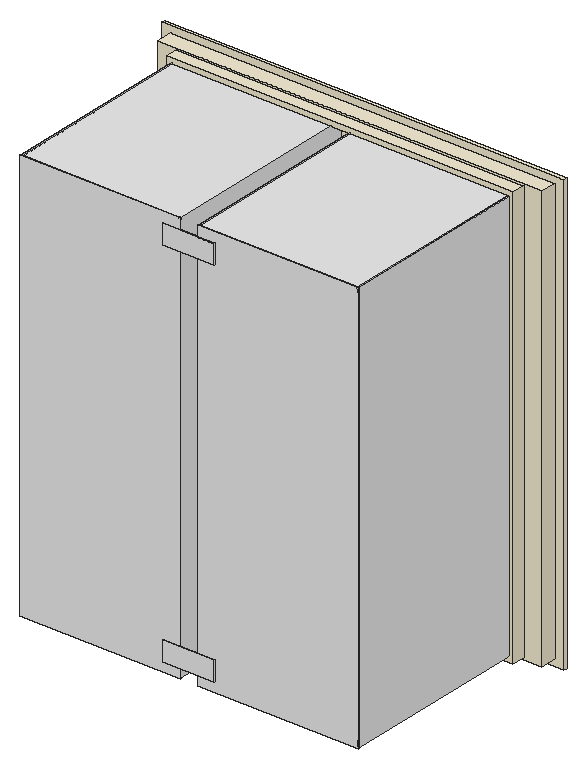
Revit family "4C-9_Door_High_Units_FL.rfa", category Specialty Equipment, host Wall, Revit 2016 (continued)
Definition of nested family "3700 Series 4C OM2 Configuration"
  Dimensions and locks (in)
    aligned and locked: Extrusion 2 sketch curve to plane 4 "Left Side Face of Door"
    aligned and locked: Extrusion 2 sketch curve to plane 6 "Back Face of Door"
    aligned and locked: plane 5 "Right Side Face of Door" to Extrusion 2 sketch curve
    aligned and locked: Extrusion 2 to plane 8
    aligned and locked: plane 10 to Extrusion 2 sketch curve
    aligned and locked: plane 14 "Divider Height Align" to Extrusion 2
    aligned and locked: plane 4 "Left Side Face of Door" to Extrusion 2
    aligned and locked: Extrusion 2 to plane 5 "Right Side Face of Door"
    aligned and locked: Extrusion 13 to plane 28 "Face of Mail Drop"
    aligned and locked: plane 29 "Top of Mail Slot" to Extrusion 14 sketch curve
    aligned and locked: cut or joined group of Extrusion 13, Extrusion 14 to cut or joined group of Extrusion 13, Extrusion 14
    aligned and locked: cut or joined group of Extrusion 1, Extrusion 3 to plane 2 "Bottom of Door"
  Automatic sketch dimensions
    Extrusion 1 sketch curve to plane 4 "Left Side Face of Door" = 0.000"
    Extrusion 1 sketch curve to plane 6 "Back Face of Door" = 0.000"
    Extrusion 1 sketch curve to plane 7 "Front Face of Door" = 0.000"
    Extrusion 1 sketch curve to plane 5 "Right Side Face of Door" = 0.000"
    Extrusion 1 sketch curve to plane 4 "Left Side Face of Door" = 0.252"
    Extrusion 1 sketch curve to plane 20 "Hinge Stud Align" = 0.36875"
    Extrusion 1 sketch curve to plane 25 "Face of Mail Plate" = 0.07029"
    plane 5 "Right Side Face of Door" to Extrusion 1 sketch curve = 0.195"
    Extrusion 1 sketch curve to plane 25 "Face of Mail Plate" = 0.10562"
    Extrusion 1 sketch curve to plane 13 "Face of Lock" = 0.07658"
    plane 1 "Center (Front/Back)" to Extrusion 1 sketch curve = 0.05445"
    Extrusion 1 sketch curve to plane 13 "Face of Lock" = 0.12063"
    Extrusion 5 sketch curve to plane 11 "Center Lock Vertical" = 0.0293"
    plane 11 "Center Lock Vertical" to Extrusion 5 sketch curve = 0.0293"
    Extrusion 5 sketch curve to plane 9 = 0.30959"
    plane 9 to Extrusion 5 sketch curve = 0.30959"
    plane 16 "Left Stud Align" to Blend 6 sketch curve = 0.000"  (x2)
    Blend 6 sketch curve to plane 18 "Top Stud Align" = 0.000"  (x2)
    plane 17 "Right Stud Align" to Blend 7 sketch curve = 0.000"  (x2)
    Blend 7 sketch curve to plane 18 "Top Stud Align" = 0.000"  (x2)
    plane 16 "Left Stud Align" to Blend 8 sketch curve = 0.000"  (x2)
    Blend 8 sketch curve to plane 19 "Bottom Stud Align" = 0.000"  (x2)
    plane 17 "Right Stud Align" to Blend 9 sketch curve = 0.000"  (x2)
    Blend 9 sketch curve to plane 19 "Bottom Stud Align" = 0.000"  (x2)
    Blend 10 sketch curve to plane 18 "Top Stud Align" = 0.000"  (x2)
    plane 20 "Hinge Stud Align" to Blend 10 sketch curve = 0.000"  (x2)
    Blend 11 sketch curve to plane 19 "Bottom Stud Align" = 0.000"  (x2)
    plane 20 "Hinge Stud Align" to Blend 11 sketch curve = 0.000"  (x2)
    plane 24 to Extrusion 12 sketch curve = 0.000"
    Extrusion 12 sketch curve to plane 22 "Mail Plate Bottom" = 0.000"
    Extrusion 12 sketch curve to plane 21 "Mail Plate Top" = 0.000"
    plane 23 to Extrusion 12 sketch curve = 0.000"
    plane 24 to Extrusion 12 sketch curve = 0.19922"  (x2)
    plane 18 "Top Stud Align" to Extrusion 12 sketch curve = 0.14478"
    Extrusion 12 sketch curve to plane 23 = 0.19922"
    Extrusion 13 sketch curve to plane 5 "Right Side Face of Door" = 0.000"
    Extrusion 13 sketch curve to plane 4 "Left Side Face of Door" = 0.000"
    Extrusion 13 sketch curve to plane 6 "Back Face of Door" = 0.000"
    Extrusion 13 sketch curve to plane 7 "Front Face of Door" = 0.193"
    Extrusion 14 sketch curve to plane 30 "Bottom of Mail Slot" = 0.000"
    plane 32 "Right Edge of Mail Slot" to Extrusion 14 sketch curve = 0.375"
    Extrusion 14 sketch curve to plane 31 "Left Edge of Mail Slot" = 0.375"
    Extrusion 15 sketch curve to plane 35 = 0.000"
    Extrusion 15 sketch curve to plane 33 "Mail Slot Bottom Protusion" = 0.000"
    Extrusion 15 sketch curve to plane 34 = 0.000"
    Extrusion 15 sketch curve to plane 27 "Top of Mail Drop Divider" = 0.000"
    Extrusion 15 sketch curve to plane 6 "Back Face of Door" = 0.000"
    plane 26 "Top of Mail Drop Door" to Extrusion 15 sketch curve = 0.07158"
    Extrusion 15 sketch curve to plane 34 = 0.24578"
    plane 26 "Top of Mail Drop Door" to Extrusion 15 sketch curve = 0.09984"
    Extrusion 15 sketch curve to Extrusion 15 sketch curve = 0.01632"
    plane 37 to Extrusion 15 sketch curve = 0.05062"
    Extrusion 15 sketch curve to plane 33 "Mail Slot Bottom Protusion" = 0.01599"
    plane 33 "Mail Slot Bottom Protusion" to Extrusion 15 sketch curve = 0.01227"
    plane 36 "Front of Awning" to Extrusion 15 sketch curve = 0.17915"
    plane 35 to Extrusion 15 sketch curve = 0.02246"
    Extrusion 15 sketch curve to Extrusion 15 sketch curve = 0.0724"
    plane 36 "Front of Awning" to Extrusion 15 sketch curve = 0.04696"
    plane 36 "Front of Awning" to Extrusion 15 sketch curve = 0.02469"
    plane 36 "Front of Awning" to Extrusion 15 sketch curve = 0.00781"
    Extrusion 15 sketch curve to Extrusion 15 sketch curve = 0.05983"
    Extrusion 4 sketch curve to plane 9 = 0.000"
    plane 11 "Center Lock Vertical" to Extrusion 4 sketch curve = 0.000"
    Extrusion 3 sketch curve to plane 9 = 0.000"
    plane 11 "Center Lock Vertical" to Extrusion 3 sketch curve = 0.000"
    radius of Blend 6 sketch curve = 0.15665"
    radius of Blend 6 sketch curve = 0.3125"
    radius of Blend 7 sketch curve = 0.15665"
    radius of Blend 7 sketch curve = 0.3125"
    radius of Blend 8 sketch curve = 0.15665"
    radius of Blend 8 sketch curve = 0.3125"
    radius of Blend 9 sketch curve = 0.15665"
    radius of Blend 9 sketch curve = 0.3125"
    radius of Blend 10 sketch curve = 0.15665"
    radius of Blend 10 sketch curve = 0.3125"
    radius of Blend 11 sketch curve = 0.15665"
    radius of Blend 11 sketch curve = 0.3125"
    radius of Extrusion 4 sketch curve = 0.42913"
    radius of Extrusion 3 sketch curve = 0.4375"
Definition of nested family "4C Latch Lock-Right"
  Parameters (values of type "Lock Latch")
    Width = 1.750"
    Type Comments = "Lock Latch for Aluminum Mailboxes"
    Visible Latch = yes
    Manufacturer = "Salsbury Industries"
    Height = 1.375"
    Depth = 0.244"
    Back Enclosure Material = none
  Reference planes (in)
    plane 1 "Center (Front/Back)": y = 0
    plane 2 "left": z = 0
    plane 3 "Center (Left/Right)": x = 0
    plane 4 "top": x = -0.875
    plane 5 "bottom": x = 0.875
    plane 6 "Front": y = 0.122
    plane 7 "Back": y = -0.122
    plane 8 "Vertical Center": z = 0.6875
    plane 9 "right": z = 1.375
    plane 10: x = -1
    plane 11: x = -1.125
  Forms (in)
    Extrusion 1, solid, material <- "Back Enclosure Material", visible <- "Visible Latch"
      sketch origin (-0.67187, 0, 0.67188) x (0, 0, -1) y (0, 1, 0)
        loop
          line (-0.22131, -0.0902) -> (-0.70312, -0.0902) -> (-0.70312, -0.12209) -> (-0.22129, -0.12209)
          arc (-0.22129, -0.12209) -> (-0.1389, -0.08579) -> (-0.11009, -0.00048) r 0.11165
          arc (-0.11009, -0.00048) -> (-0.01599, 0.09362) -> (0.07812, -0.00048) r 0.09411
          arc (0.07812, -0.00048) -> (0.10866, -0.08591) -> (0.19189, -0.122) r 0.11401
          line (0.19189, -0.122) -> (0.67187, -0.122) -> (0.67187, -0.08954) -> (0.19205, -0.08954)
          arc (0.19205, -0.08954) -> (0.13091, -0.06294) -> (0.10869, -0.00006) r 0.08357
          arc (0.10869, -0.00006) -> (-0.01625, 0.12487) -> (-0.14118, -0.00006) r 0.12494
          arc (-0.14118, -0.00006) -> (-0.16101, -0.06312) -> (-0.22131, -0.0902) r 0.08069
      from -0.20313 to 1.54687
    Extrusion 2, void
      sketch origin (-0.86719, 0.122, 0.78906) x (0, 0, -1) y (1, 0, 0)
        loop
          line (0.02064, 1.43976) -> (0.02064, 0.31562) -> (0.29045, 0.31562) -> (0.29045, 0.47278) -> (0.12796, 0.47278) -> (0.12796, 1.28526) -> (0.27447, 1.28526) -> (0.27447, 1.43976) -> (0.02064, 1.43976)
      from -0.01091 to 0.1442
    Blend 3, solid, material <- "Back Enclosure Material", visible <- "Visible Latch"
      base sketch origin (-0.95312, 0.122, 0.96875) x (0, 0, -1) y (1, 0, 0)
        loop
          circle (-0.1252, 1.55349) r 0.1
      top sketch origin (-0.95312, 0.122, 0.96875) x (0, 0, -1) y (1, 0, 0)
        loop
          circle (-0.1252, 1.55349) r 0.215
      from 0.16742 to 0.21154
    Blend 4, solid, material <- "Back Enclosure Material", visible <- "Visible Latch"
      base sketch origin (-0.95312, 0.122, -0.54015) x (0, 0, -1) y (1, 0, 0)
        loop
          circle (-0.8037, 1.55349) r 0.1
      top sketch origin (-0.95312, 0.122, -0.54015) x (0, 0, -1) y (1, 0, 0)
        loop
          circle (-0.8037, 1.55349) r 0.215
      from 0.16742 to 0.21154
    Blend 5, solid, material <- "Back Enclosure Material", visible <- "Visible Latch"
      base sketch origin (-1.95312, 0.122, 0.96875) x (0, 0, -1) y (1, 0, 0)
        loop
          circle (-0.1252, 1.36599) r 0.1
      top sketch origin (-1.95312, 0.122, 0.96875) x (0, 0, -1) y (1, 0, 0)
        loop
          circle (-0.1252, 1.36599) r 0.215
      from 0.16742 to 0.21154
    Blend 6, solid, material <- "Back Enclosure Material", visible <- "Visible Latch"
      base sketch origin (-1.95312, 0.122, -0.55578) x (0, 0, -1) y (1, 0, 0)
        loop
          circle (-0.8037, 1.36599) r 0.1
      top sketch origin (-1.95312, 0.122, -0.55578) x (0, 0, -1) y (1, 0, 0)
        loop
          circle (-0.8037, 1.36599) r 0.215
      from 0.16742 to 0.21154
    Extrusion 7, solid, material <- "Back Enclosure Material", visible <- "Visible Latch"
      sketch origin (-1.22585, -7.77812, 0.87452) x (0, 0, -1) y (0, 1, 0)
        loop
          circle (0.18702, 7.77784) r 0.09014
      from 0.10085 to 2.10085
    Extrusion 8, solid, material <- "Back Enclosure Material", visible <- "Visible Latch"
      sketch origin (-0.59584, -7.78798, 0.67188) x (1, 0, 0) y (0, 1, 0)
        loop
          circle (0.12087, 7.81979) r 0.05
      from 0.01562 to -0.5
    Extrusion 9, solid, material <- "Back Enclosure Material", visible <- "Visible Latch"
      sketch origin (-1.09375, -0.02845, 1.02999) x (0, 0, -1) y (1, 0, 0)
        loop
          line (0.68574, 0.09375) -> (0.68574, 0.12475) -> (-0.00176, 0.12475) -> (-0.00176, 0.09375) -> (0.68574, 0.09375)
      from -0.25 to 0.09355
    Extrusion 10, void
      sketch origin (-0.969, -7.77845, 0.87437) x (0, 0, -1) y (0, -1, 0)
        loop
          circle (0.18637, -7.77776) r 0.09325
      from 0 to 0.031
  Cuts and joins
    Extrusion 2 cuts Extrusion 1
    Extrusion 10 cuts Extrusion 9
  Dimensions and locks (in)
    equal spacing: plane 7 "Back", plane 1 "Center (Front/Back)", plane 6 "Front"
    "Depth": plane 7 "Back" to plane 6 "Front"
    equal spacing: plane 4 "top", plane 3 "Center (Left/Right)", plane 5 "bottom"
    "Width": plane 4 "top" to plane 5 "bottom"
    equal spacing: plane 9 "right", plane 8 "Vertical Center", plane 2 "left"
    "Height": plane 9 "right" to plane 2 "left"
    plane 10 to plane 4 "top" = 0.125"
    plane 11 to plane 4 "top" = 0.250"
    plane 10 to plane 11 = 0.125"
    aligned and locked: level to plane 2 "left"
  Automatic sketch dimensions
    Extrusion 1 sketch curve to plane 7 "Back" = 0.000"
    Extrusion 1 sketch curve to plane 7 "Back" = 0.0318"
    plane 9 "right" to Extrusion 1 sketch curve = 0.000"
    Extrusion 1 sketch curve to plane 8 "Vertical Center" = 0.20569"
    plane 7 "Back" to Extrusion 1 sketch curve = 0.00009"
    Extrusion 1 sketch curve to plane 8 "Vertical Center" = 0.20567"
    plane 1 "Center (Front/Back)" to Extrusion 1 sketch curve = 0.00006"
    Extrusion 1 sketch curve to plane 8 "Vertical Center" = 0.00062"
    Extrusion 1 sketch curve to Extrusion 1 sketch curve = 0.00026"
    Extrusion 1 sketch curve to Extrusion 1 sketch curve = 0.20788"
    Extrusion 1 sketch curve to Extrusion 1 sketch curve = 0.00016"
    Extrusion 1 sketch curve to level = 0.000"
    Extrusion 1 sketch curve to plane 7 "Back" = 0.03246"
    plane 1 "Center (Front/Back)" to Extrusion 1 sketch curve = 0.01045"
    Extrusion 1 sketch curve to Extrusion 1 sketch curve = 0.00094"
    Extrusion 1 sketch curve to Extrusion 1 sketch curve = 0.00201"
    Extrusion 2 sketch curve to plane 8 "Vertical Center" = 0.08092"
    plane 5 "bottom" to Extrusion 2 sketch curve = 0.45693"
    plane 8 "Vertical Center" to Extrusion 2 sketch curve = 0.0264"
    Extrusion 2 sketch curve to Extrusion 2 sketch curve = 0.16249"
    Extrusion 2 sketch curve to Extrusion 2 sketch curve = 0.14651"
    Extrusion 2 sketch curve to plane 3 "Center (Left/Right)" = 0.3944"
    Extrusion 2 sketch curve to plane 4 "top" = 0.32343"
    plane 5 "bottom" to Extrusion 2 sketch curve = 0.30243"
    plane 5 "bottom" to Blend 3 sketch curve = 0.27463"  (x2)
    Blend 3 sketch curve to plane 8 "Vertical Center" = 0.40645"  (x2)
    plane 5 "bottom" to Blend 4 sketch curve = 0.27463"  (x2)
    level to Blend 4 sketch curve = 0.26355"  (x2)
    Blend 5 sketch curve to plane 8 "Vertical Center" = 0.40645"  (x2)
    Blend 5 sketch curve to plane 3 "Center (Left/Right)" = 0.58713"  (x2)
    level to Blend 6 sketch curve = 0.24792"  (x2)
    Blend 6 sketch curve to plane 3 "Center (Left/Right)" = 0.58713"  (x2)
    plane 1 "Center (Front/Back)" to Extrusion 7 sketch curve = 0.00028"
    plane 8 "Vertical Center" to Extrusion 7 sketch curve = 0.000"
    Extrusion 8 sketch curve to plane 1 "Center (Front/Back)" = 0.03181"
    Extrusion 8 sketch curve to plane 4 "top" = 0.40003"
    Extrusion 9 sketch curve to plane 8 "Vertical Center" = 0.34425"
    level to Extrusion 9 sketch curve = 0.34425"
    plane 4 "top" to Extrusion 9 sketch curve = 0.125"
    Extrusion 9 sketch curve to Extrusion 9 sketch curve = 0.031"
    plane 1 "Center (Front/Back)" to Extrusion 10 sketch curve = 0.0007"
    Extrusion 10 sketch curve to plane 8 "Vertical Center" = 0.0005"
    radius of Blend 3 sketch curve = 0.100"
    radius of Blend 3 sketch curve = 0.215"
    radius of Blend 4 sketch curve = 0.100"
    radius of Blend 4 sketch curve = 0.215"
    radius of Blend 5 sketch curve = 0.100"
    radius of Blend 5 sketch curve = 0.215"
    radius of Blend 6 sketch curve = 0.100"
    radius of Blend 6 sketch curve = 0.215"
    radius of Extrusion 7 sketch curve = 0.09014"
    radius of Extrusion 8 sketch curve = 0.050"
    radius of Extrusion 10 sketch curve = 0.09325"
Definition of nested family "4C Latch Lock-Left"
  Parameters (values of type "Lock Latch")
    Width = 1.750"
    Type Comments = "Lock Latch for Aluminum Mailboxes"
    Visible Latch = yes
    Manufacturer = "Salsbury Industries"
    Height = 1.375"
    Depth = 0.244"
    Back Enclosure Material = none
  Reference planes (in)
    plane 1 "Center (Front/Back)": y = 0
    plane 2 "left": z = 0
    plane 3 "Center (Left/Right)": x = 0
    plane 4 "top": x = -0.875
    plane 5 "bottom": x = 0.875
    plane 6 "Front": y = 0.122
    plane 7 "Back": y = -0.122
    plane 8 "Vertical Center": z = 0.6875
    plane 9 "right": z = 1.375
    plane 10: x = 1
    plane 11: x = 1.125
  Forms (in)
    Extrusion 1, solid, material <- "Back Enclosure Material", visible <- "Visible Latch"
      sketch origin (-0.67187, 0, 0.67188) x (0, 0, -1) y (0, 1, 0)
        loop
          line (-0.22131, -0.0902) -> (-0.70312, -0.0902) -> (-0.70312, -0.12209) -> (-0.22129, -0.12209)
          arc (-0.22129, -0.12209) -> (-0.1389, -0.08579) -> (-0.11009, -0.00048) r 0.11165
          arc (-0.11009, -0.00048) -> (-0.01599, 0.09362) -> (0.07812, -0.00048) r 0.09411
          arc (0.07812, -0.00048) -> (0.10866, -0.08591) -> (0.19189, -0.122) r 0.11401
          line (0.19189, -0.122) -> (0.67187, -0.122) -> (0.67187, -0.08954) -> (0.19205, -0.08954)
          arc (0.19205, -0.08954) -> (0.13091, -0.06294) -> (0.10869, -0.00006) r 0.08357
          arc (0.10869, -0.00006) -> (-0.01625, 0.12487) -> (-0.14118, -0.00006) r 0.12494
          arc (-0.14118, -0.00006) -> (-0.16101, -0.06312) -> (-0.22131, -0.0902) r 0.08069
      from -0.20313 to 1.54687
    Extrusion 2, void
      sketch origin (-0.86719, 0.122, 0.78906) x (0, 0, -1) y (1, 0, 0)
        loop
          line (0.02064, 1.43976) -> (0.02064, 0.31562) -> (0.29045, 0.31562) -> (0.29045, 0.47278) -> (0.12796, 0.47278) -> (0.12796, 1.28526) -> (0.27447, 1.28526) -> (0.27447, 1.43976) -> (0.02064, 1.43976)
      from -0.01091 to 0.1442
    Blend 3, solid, material <- "Back Enclosure Material", visible <- "Visible Latch"
      base sketch origin (-0.95312, 0.122, 0.96875) x (0, 0, -1) y (1, 0, 0)
        loop
          circle (-0.1252, 1.55349) r 0.1
      top sketch origin (-0.95312, 0.122, 0.96875) x (0, 0, -1) y (1, 0, 0)
        loop
          circle (-0.1252, 1.55349) r 0.215
      from 0.16742 to 0.21154
    Blend 4, solid, material <- "Back Enclosure Material", visible <- "Visible Latch"
      base sketch origin (-0.95312, 0.122, -0.54015) x (0, 0, -1) y (1, 0, 0)
        loop
          circle (-0.8037, 1.55349) r 0.1
      top sketch origin (-0.95312, 0.122, -0.54015) x (0, 0, -1) y (1, 0, 0)
        loop
          circle (-0.8037, 1.55349) r 0.215
      from 0.16742 to 0.21154
    Blend 5, solid, material <- "Back Enclosure Material", visible <- "Visible Latch"
      base sketch origin (-1.95312, 0.122, 0.96875) x (0, 0, -1) y (1, 0, 0)
        loop
          circle (-0.1252, 1.36599) r 0.1
      top sketch origin (-1.95312, 0.122, 0.96875) x (0, 0, -1) y (1, 0, 0)
        loop
          circle (-0.1252, 1.36599) r 0.215
      from 0.16742 to 0.21154
    Blend 6, solid, material <- "Back Enclosure Material", visible <- "Visible Latch"
      base sketch origin (-1.95312, 0.122, -0.55578) x (0, 0, -1) y (1, 0, 0)
        loop
          circle (-0.8037, 1.36599) r 0.1
      top sketch origin (-1.95312, 0.122, -0.55578) x (0, 0, -1) y (1, 0, 0)
        loop
          circle (-0.8037, 1.36599) r 0.215
      from 0.16742 to 0.21154
    Extrusion 7, solid, material <- "Back Enclosure Material", visible <- "Visible Latch"
      sketch origin (-1.22585, -7.77812, 0.87452) x (0, 0, -1) y (0, 1, 0)
        loop
          circle (0.18702, 7.77784) r 0.09014
      from 0.35085 to 2.35085
    Extrusion 8, solid, material <- "Back Enclosure Material", visible <- "Visible Latch"
      sketch origin (0.37291, -7.78798, 0.67188) x (1, 0, 0) y (0, 1, 0)
        loop
          circle (0.12087, 7.81979) r 0.05
      from 0.01562 to -0.5
    Extrusion 9, solid, material <- "Back Enclosure Material", visible <- "Visible Latch"
      sketch origin (0.87525, -0.02845, 1.02999) x (0, 0, -1) y (1, 0, 0)
        loop
          line (0.68574, 0.09375) -> (0.68574, 0.12475) -> (-0.00176, 0.12475) -> (-0.00176, 0.09375) -> (0.68574, 0.09375)
      from -0.25 to 0.09355
    Extrusion 10, void
      sketch origin (1, -7.77845, 0.87437) x (0, 0, -1) y (0, -1, 0)
        loop
          circle (0.18637, -7.77776) r 0.09325
      from 0 to 0.031
  Cuts and joins
    Extrusion 2 cuts Extrusion 1
    Extrusion 10 cuts Extrusion 9
  Dimensions and locks (in)
    equal spacing: plane 7 "Back", plane 1 "Center (Front/Back)", plane 6 "Front"
    "Depth": plane 7 "Back" to plane 6 "Front"
    equal spacing: plane 4 "top", plane 3 "Center (Left/Right)", plane 5 "bottom"
    "Width": plane 4 "top" to plane 5 "bottom"
    equal spacing: plane 9 "right", plane 8 "Vertical Center", plane 2 "left"
    "Height": plane 9 "right" to plane 2 "left"
    plane 4 "top" to plane 10 = 1.875"
    plane 5 "bottom" to plane 11 = 0.250"
    plane 11 to plane 10 = 0.125"
    aligned and locked: level to plane 2 "left"
  Automatic sketch dimensions
    Extrusion 1 sketch curve to plane 7 "Back" = 0.000"
    Extrusion 1 sketch curve to plane 7 "Back" = 0.0318"
    plane 9 "right" to Extrusion 1 sketch curve = 0.000"
    Extrusion 1 sketch curve to plane 8 "Vertical Center" = 0.20569"
    plane 7 "Back" to Extrusion 1 sketch curve = 0.00009"
    Extrusion 1 sketch curve to plane 8 "Vertical Center" = 0.20567"
    plane 1 "Center (Front/Back)" to Extrusion 1 sketch curve = 0.00006"
    Extrusion 1 sketch curve to plane 8 "Vertical Center" = 0.00062"
    Extrusion 1 sketch curve to Extrusion 1 sketch curve = 0.00026"
    Extrusion 1 sketch curve to Extrusion 1 sketch curve = 0.20788"
    Extrusion 1 sketch curve to Extrusion 1 sketch curve = 0.00016"
    Extrusion 1 sketch curve to level = 0.000"
    Extrusion 1 sketch curve to plane 7 "Back" = 0.03246"
    plane 1 "Center (Front/Back)" to Extrusion 1 sketch curve = 0.01045"
    Extrusion 1 sketch curve to Extrusion 1 sketch curve = 0.00094"
    Extrusion 1 sketch curve to Extrusion 1 sketch curve = 0.00201"
    Extrusion 2 sketch curve to plane 8 "Vertical Center" = 0.08092"
    plane 5 "bottom" to Extrusion 2 sketch curve = 0.45693"
    plane 8 "Vertical Center" to Extrusion 2 sketch curve = 0.0264"
    Extrusion 2 sketch curve to Extrusion 2 sketch curve = 0.16249"
    Extrusion 2 sketch curve to Extrusion 2 sketch curve = 0.14651"
    Extrusion 2 sketch curve to plane 3 "Center (Left/Right)" = 0.3944"
    Extrusion 2 sketch curve to plane 4 "top" = 0.32343"
    plane 5 "bottom" to Extrusion 2 sketch curve = 0.30243"
    plane 5 "bottom" to Blend 3 sketch curve = 0.27463"  (x2)
    Blend 3 sketch curve to plane 8 "Vertical Center" = 0.40645"  (x2)
    plane 5 "bottom" to Blend 4 sketch curve = 0.27463"  (x2)
    level to Blend 4 sketch curve = 0.26355"  (x2)
    Blend 5 sketch curve to plane 8 "Vertical Center" = 0.40645"  (x2)
    Blend 5 sketch curve to plane 3 "Center (Left/Right)" = 0.58713"  (x2)
    level to Blend 6 sketch curve = 0.24792"  (x2)
    Blend 6 sketch curve to plane 3 "Center (Left/Right)" = 0.58713"  (x2)
    plane 1 "Center (Front/Back)" to Extrusion 7 sketch curve = 0.00028"
    plane 8 "Vertical Center" to Extrusion 7 sketch curve = 0.000"
    Extrusion 8 sketch curve to plane 1 "Center (Front/Back)" = 0.03181"
    Extrusion 8 sketch curve to plane 4 "top" = 1.36878"
    Extrusion 9 sketch curve to plane 8 "Vertical Center" = 0.34425"
    level to Extrusion 9 sketch curve = 0.34425"
    Extrusion 9 sketch curve to plane 4 "top" = 1.844"
    Extrusion 9 sketch curve to Extrusion 9 sketch curve = 0.031"
    plane 1 "Center (Front/Back)" to Extrusion 10 sketch curve = 0.0007"
    Extrusion 10 sketch curve to plane 8 "Vertical Center" = 0.0005"
    radius of Blend 3 sketch curve = 0.100"
    radius of Blend 3 sketch curve = 0.215"
    radius of Blend 4 sketch curve = 0.100"
    radius of Blend 4 sketch curve = 0.215"
    radius of Blend 5 sketch curve = 0.100"
    radius of Blend 5 sketch curve = 0.215"
    radius of Blend 6 sketch curve = 0.100"
    radius of Blend 6 sketch curve = 0.215"
    radius of Extrusion 7 sketch curve = 0.09014"
    radius of Extrusion 8 sketch curve = 0.050"
    radius of Extrusion 10 sketch curve = 0.09325"
Types (13): name | Width | Vertical Center Divider | Type Comments | Top Back Plate | Right Inside Wall | Model | Left Inside Wall | Latch Alignment | Door Slot R9 Number | Door Slot R9 | Door Slot R8 Number | Door Slot R8 | Door Slot R7 Number | Door Slot R7 | Door Slot R6 Number | Door Slot R6 | Door Slot R5 | Door Slot R4 Number | Door Slot R4 | Door Slot R3 Number | Door Slot R3 | Door Slot R2 Number | Door Slot R2 | Door Slot R1 Number | Door Slot R1 | Door Slot L9 Number | Door Slot L9 | Door Slot L8 Number | Door Slot L8 | Door Slot L7 Number | Door Slot L7 | Door Slot L6 Number | Door Slot L6 | Door Slot L5 Number | Door Slot L5 | Door Slot L4 Number | Door Slot L4 | Door Slot L3 Number | Door Slot L3 | Door Slot L2 Number | Door Slot L2 | Door Slot L1 Number | Door Slot L1 | Description | Center Extrusion Offset | Bottom Back Plate | Above Finished Floor (AFF-Bottom of Unit) | Above Finished Floor (AFF-Bottom of Door)
  3709D-16 FL | 31.09766" | yes | "4C Standard Horizontal Mailbox - Front Loading" | yes | yes | "3709D-16 FL" | yes | 14.85742" | "16" | 3700 Series 4C Door Configurations : MB1 Door w/ Divider | "15" | 3700 Series 4C Door Configurations : MB1 Door w/ Divider | "14" | 3700 Series 4C Door Configurations : MB1 Door w/ Divider | "13" | 3700 Series 4C Door Configurations : MB1 Door w/ Divider | 3700 Series 4C OM2 Configuration : OM2-FL | "0" | 3700 Series 4C Door Configurations : Empty | "12" | 3700 Series 4C Door Configurations : MB1 Door w/ Divider | "11" | 3700 Series 4C Door Configurations : MB1 Door w/ Divider | "10" | 3700 Series 4C Door Configurations : MB1 Door | "9" | 3700 Series 4C Door Configurations : MB1 Door w/ Divider | "8" | 3700 Series 4C Door Configurations : MB1 Door w/ Divider | "7" | 3700 Series 4C Door Configurations : MB1 Door w/ Divider | "6" | 3700 Series 4C Door Configurations : MB1 Door w/ Divider | "5" | 3700 Series 4C Door Configurations : MB1 Door w/ Divider | "4" | 3700 Series 4C Door Configurations : MB1 Door w/ Divider | "3" | 3700 Series 4C Door Configurations : MB1 Door w/ Divider | "2" | 3700 Series 4C Door Configurations : MB1 Door w/ Divider | "1" | 3700 Series 4C Door Configurations : MB1 Door | "9 Door High Unit: 16 MB1, OM2" | 0.000" | yes | 26.683" | 28.000"
  3709S-07 FL | 16.34375" | no | "4C Standard Horizontal Mailbox - Front Loading" | no | no | "3709S-07 FL" | no | 13.876" | "7" | 3700 Series 4C Door Configurations : MB1 Door w/ Divider | "6" | 3700 Series 4C Door Configurations : MB1 Door w/ Divider | "5" | 3700 Series 4C Door Configurations : MB1 Door w/ Divider | "4" | 3700 Series 4C Door Configurations : MB1 Door w/ Divider | 3700 Series 4C OM2 Configuration : OM2-FL | "0" | 3700 Series 4C Door Configurations : Empty | "3" | 3700 Series 4C Door Configurations : MB1 Door w/ Divider | "2" | 3700 Series 4C Door Configurations : MB1 Door w/ Divider | "1" | 3700 Series 4C Door Configurations : MB1 Door | "0" | 3700 Series 4C Door Configurations : Empty | "0" | 3700 Series 4C Door Configurations : Empty | "0" | 3700 Series 4C Door Configurations : Empty | "0" | 3700 Series 4C Door Configurations : Empty | "0" | 3700 Series 4C Door Configurations : Empty | "0" | 3700 Series 4C Door Configurations : Empty | "0" | 3700 Series 4C Door Configurations : Empty | "0" | 3700 Series 4C Door Configurations : Empty | "0" | 3700 Series 4C Door Configurations : Empty | "9 Door High Unit: 7 MB1, OM2" | 48.000" | no | 26.683" | 28.000"
  3709D-15 FL | 31.09766" | yes | "4C Standard Horizontal Mailbox - Front Loading" | yes | yes | "3709D-15 FL" | yes | 14.85742" | "15" | 3700 Series 4C Door Configurations : MB1 Door w/ Divider | "14" | 3700 Series 4C Door Configurations : MB1 Door w/ Divider | "13" | 3700 Series 4C Door Configurations : MB1 Door w/ Divider | "0" | 3700 Series 4C OM3 Configuration : OM3-FL | 3700 Series 4C Door Configurations : Empty | "0" | 3700 Series 4C Door Configurations : Empty | "12" | 3700 Series 4C Door Configurations : MB1 Door w/ Divider | "11" | 3700 Series 4C Door Configurations : MB1 Door w/ Divider | "10" | 3700 Series 4C Door Configurations : MB1 Door | "9" | 3700 Series 4C Door Configurations : MB1 Door w/ Divider | "8" | 3700 Series 4C Door Configurations : MB1 Door w/ Divider | "7" | 3700 Series 4C Door Configurations : MB1 Door w/ Divider | "6" | 3700 Series 4C Door Configurations : MB1 Door w/ Divider | "5" | 3700 Series 4C Door Configurations : MB1 Door w/ Divider | "4" | 3700 Series 4C Door Configurations : MB1 Door w/ Divider | "3" | 3700 Series 4C Door Configurations : MB1 Door w/ Divider | "2" | 3700 Series 4C Door Configurations : MB1 Door w/ Divider | "1" | 3700 Series 4C Door Configurations : MB1 Door | "9 Door High Unit: 15 MB1, OM3" | 0.000" | yes | 26.683" | 28.000"
  3709D-10 FL | 31.09766" | yes | "4C Standard Horizontal Mailbox - Front Loading" | yes | yes | "3709D-10 FL" | yes | 14.85742" | "10" | 3700 Series 4C Door Configurations : MB1 Door w/ Divider | "9" | 3700 Series 4C Door Configurations : MB1 Door w/ Divider | "8" | 3700 Series 4C Door Configurations : MB1 Door w/ Divider | "7" | 3700 Series 4C Door Configurations : MB1 Door w/ Divider | 3700 Series 4C OM2 Configuration : OM2-FL | "0" | 3700 Series 4C Door Configurations : Empty | "6" | 3700 Series 4C Door Configurations : MB1 Door w/ Divider | "5" | 3700 Series 4C Door Configurations : MB1 Door w/ Divider | "4" | 3700 Series 4C Door Configurations : MB1 Door | "1P" | 3700 Series 4C Parcel Configurations : PL6 w/ Divider | "0" | 3700 Series 4C Door Configurations : Empty | "0" | 3700 Series 4C Door Configurations : Empty | "0" | 3700 Series 4C Door Configurations : Empty | "0" | 3700 Series 4C Door Configurations : Empty | "0" | 3700 Series 4C Door Configurations : Empty | "3" | 3700 Series 4C Door Configurations : MB1 Door w/ Divider | "2" | 3700 Series 4C Door Configurations : MB1 Door w/ Divider | "1" | 3700 Series 4C Door Configurations : MB1 Door | "9 Door High Unit: 10 MB1, 1 PL6, OM2" | 0.000" | yes | 26.683" | 28.000"
  3709D-06 FL | 31.09766" | yes | "4C Standard Horizontal Mailbox - Front Loading" | yes | yes | "3709D-06 FL" | yes | 14.85742" | "6" | 3700 Series 4C Door Configurations : MB3 Door w/ Divider | "0" | 3700 Series 4C Door Configurations : Empty | "0" | 3700 Series 4C Door Configurations : Empty | "5" | 3700 Series 4C Door Configurations : MB1 Door w/ Divider | 3700 Series 4C OM2 Configuration : OM2-FL | "0" | 3700 Series 4C Door Configurations : Empty | "4" | 3700 Series 4C Door Configurations : MB3 Door | "0" | 3700 Series 4C Door Configurations : Empty | "0" | 3700 Series 4C Door Configurations : Empty | "3" | 3700 Series 4C Door Configurations : MB3 Door w/ Divider | "0" | 3700 Series 4C Door Configurations : Empty | "0" | 3700 Series 4C Door Configurations : Empty | "2" | 3700 Series 4C Door Configurations : MB3 Door w/ Divider | "0" | 3700 Series 4C Door Configurations : Empty | "0" | 3700 Series 4C Door Configurations : Empty | "1" | 3700 Series 4C Door Configurations : MB3 Door | "0" | 3700 Series 4C Door Configurations : Empty | "0" | 3700 Series 4C Door Configurations : Empty | "9 Door High Unit: 1 MB1, 5 MB3, OM2" | 0.000" | yes | 26.683" | 28.000"
  3709D-05 FL | 31.09766" | yes | "4C Standard Horizontal Mailbox - Front Loading" | yes | yes | "3709D-05 FL" | yes | 14.85742" | "5" | 3700 Series 4C Door Configurations : MB3 Door w/ Divider | "0" | 3700 Series 4C Door Configurations : Empty | "0" | 3700 Series 4C Door Configurations : Empty | "0" | 3700 Series 4C OM3 Configuration : OM3-FL | 3700 Series 4C Door Configurations : Empty | "0" | 3700 Series 4C Door Configurations : Empty | "4" | 3700 Series 4C Door Configurations : MB3 Door | "0" | 3700 Series 4C Door Configurations : Empty | "0" | 3700 Series 4C Door Configurations : Empty | "3" | 3700 Series 4C Door Configurations : MB3 Door w/ Divider | "0" | 3700 Series 4C Door Configurations : Empty | "0" | 3700 Series 4C Door Configurations : Empty | "2" | 3700 Series 4C Door Configurations : MB3 Door w/ Divider | "0" | 3700 Series 4C Door Configurations : Empty | "0" | 3700 Series 4C Door Configurations : Empty | "1" | 3700 Series 4C Door Configurations : MB3 Door | "0" | 3700 Series 4C Door Configurations : Empty | "0" | 3700 Series 4C Door Configurations : Empty | "9 Door High Unit: 5 MB3, OM3" | 0.000" | yes | 26.683" | 28.000"
  3709D-04 FL | 31.09766" | yes | "4C Standard Horizontal Mailbox - Front Loading" | yes | yes | "3709D-06 FL" | yes | 14.85742" | "4" | 3700 Series 4C Door Configurations : MB3 Door w/ Divider | "0" | 3700 Series 4C Door Configurations : Empty | "0" | 3700 Series 4C Door Configurations : Empty | "3" | 3700 Series 4C Door Configurations : MB1 Door w/ Divider | 3700 Series 4C OM2 Configuration : OM2-FL | "0" | 3700 Series 4C Door Configurations : Empty | "2" | 3700 Series 4C Door Configurations : MB3 Door | "0" | 3700 Series 4C Door Configurations : Empty | "0" | 3700 Series 4C Door Configurations : Empty | "1P" | 3700 Series 4C Parcel Configurations : PL6 w/ Divider | "0" | 3700 Series 4C Door Configurations : Empty | "0" | 3700 Series 4C Door Configurations : Empty | "0" | 3700 Series 4C Door Configurations : Empty | "0" | 3700 Series 4C Door Configurations : Empty | "0" | 3700 Series 4C Door Configurations : Empty | "1" | 3700 Series 4C Door Configurations : MB3 Door | "0" | 3700 Series 4C Door Configurations : Empty | "0" | 3700 Series 4C Door Configurations : Empty | "9 Door High Unit: 1 MB1, 3 MB3, 1 PL6, OM2" | 0.000" | yes | 26.683" | 28.000"
  3709D-03 FL | 31.09766" | yes | "4C Standard Horizontal Mailbox - Front Loading" | yes | yes | "3709D-03 FL" | yes | 14.85742" | "3" | 3700 Series 4C Door Configurations : MB3 Door w/ Divider | "0" | 3700 Series 4C Door Configurations : Empty | "0" | 3700 Series 4C Door Configurations : Empty | "3" | 3700 Series 4C OM3 Configuration : OM3-FL | 3700 Series 4C Door Configurations : Empty | "0" | 3700 Series 4C Door Configurations : Empty | "2" | 3700 Series 4C Door Configurations : MB3 Door | "0" | 3700 Series 4C Door Configurations : Empty | "0" | 3700 Series 4C Door Configurations : Empty | "1P" | 3700 Series 4C Parcel Configurations : PL6 w/ Divider | "0" | 3700 Series 4C Door Configurations : Empty | "0" | 3700 Series 4C Door Configurations : Empty | "0" | 3700 Series 4C Door Configurations : Empty | "0" | 3700 Series 4C Door Configurations : Empty | "0" | 3700 Series 4C Door Configurations : Empty | "1" | 3700 Series 4C Door Configurations : MB3 Door | "0" | 3700 Series 4C Door Configurations : Empty | "0" | 3700 Series 4C Door Configurations : Empty | "9 Door High Unit: 3 MB3, 1 PL6, OM3" | 0.000" | yes | 26.683" | 28.000"
  3709D-4P FL | 31.09766" | yes | "4C Standard Horizontal Mailbox - Front Loading" | yes | yes | "3709D-4P FL" | yes | 14.85742" | "4P" | 3700 Series 4C Parcel Configurations : PL5 w/ Divider | "0" | 3700 Series 4C Door Configurations : Empty | "0" | 3700 Series 4C Door Configurations : Empty | "0" | 3700 Series 4C Door Configurations : Empty | 3700 Series 4C Door Configurations : Empty | "3P" | 3700 Series 4C Parcel Configurations : PL4 | "0" | 3700 Series 4C Door Configurations : Empty | "0" | 3700 Series 4C Door Configurations : Empty | "0" | 3700 Series 4C Door Configurations : Empty | "2P" | 3700 Series 4C Parcel Configurations : PL5 w/ Divider | "0" | 3700 Series 4C Door Configurations : Empty | "0" | 3700 Series 4C Door Configurations : Empty | "0" | 3700 Series 4C Door Configurations : Empty | "0" | 3700 Series 4C Door Configurations : Empty | "1P" | 3700 Series 4C Parcel Configurations : PL4 | "0" | 3700 Series 4C Door Configurations : Empty | "0" | 3700 Series 4C Door Configurations : Empty | "0" | 3700 Series 4C Door Configurations : Empty | "9 Door High Unit: 2 PL4, 2 PL5" | 0.000" | yes | 13.683" | 15.000"
  3709S-02 FL | 16.34375" | no | "4C Standard Horizontal Mailbox - Front Loading" | no | no | "3709S-02 FL" | no | 13.876" | "1P" | 3700 Series 4C Parcel Configurations : PL5 w/ Divider | "0" | 3700 Series 4C Door Configurations : Empty | "0" | 3700 Series 4C Door Configurations : Empty | "0" | 3700 Series 4C Door Configurations : Empty | 3700 Series 4C Door Configurations : Empty | "0" | 3700 Series 4C OM2 Configuration : OM2-FL | "0" | 3700 Series 4C Door Configurations : Empty | "2" | 3700 Series 4C Door Configurations : MB1 Door w/ Divider | "1" | 3700 Series 4C Door Configurations : MB1 Door | "0" | 3700 Series 4C Door Configurations : Empty | "0" | 3700 Series 4C Door Configurations : Empty | "0" | 3700 Series 4C Door Configurations : Empty | "0" | 3700 Series 4C Door Configurations : Empty | "0" | 3700 Series 4C Door Configurations : Empty | "0" | 3700 Series 4C Door Configurations : Empty | "0" | 3700 Series 4C Door Configurations : Empty | "0" | 3700 Series 4C Door Configurations : Empty | "0" | 3700 Series 4C Door Configurations : Empty | "9 Door High Unit: 2 MB1, 1 PL5, OM2" | 48.000" | no | 13.683" | 15.000"
  3709S-2P FL | 16.34375" | no | "4C Standard Horizontal Mailbox - Front Loading" | no | no | "3709S-2P FL" | no | 13.876" | "2P" | 3700 Series 4C Parcel Configurations : PL5 w/ Divider | "0" | 3700 Series 4C Door Configurations : Empty | "0" | 3700 Series 4C Door Configurations : Empty | "0" | 3700 Series 4C Door Configurations : Empty | 3700 Series 4C Door Configurations : Empty | "1P" | 3700 Series 4C Parcel Configurations : PL4 | "0" | 3700 Series 4C Door Configurations : Empty | "0" | 3700 Series 4C Door Configurations : Empty | "0" | 3700 Series 4C Door Configurations : Empty | "0" | 3700 Series 4C Door Configurations : Empty | "0" | 3700 Series 4C Door Configurations : Empty | "0" | 3700 Series 4C Door Configurations : Empty | "0" | 3700 Series 4C Door Configurations : Empty | "0" | 3700 Series 4C Door Configurations : Empty | "0" | 3700 Series 4C Door Configurations : Empty | "0" | 3700 Series 4C Door Configurations : Empty | "0" | 3700 Series 4C Door Configurations : Empty | "0" | 3700 Series 4C Door Configurations : Empty | "9 Door High Unit: 1 PL4, 1 PL5" | 48.000" | no | 13.683" | 15.000"
  3709S-1C FL | 16.34375" | no | "4C Horizontal Collection Box - Front Loading" | no | no | "3709S-1C FL" | no | 13.876" | "0" | 4C-9 Door High Collection Box : 4C-9 Door High Collection Box | "0" | 3700 Series 4C Door Configurations : Empty | "0" | 3700 Series 4C Door Configurations : Empty | "0" | 3700 Series 4C Door Configurations : Empty | 3700 Series 4C Door Configurations : Empty | "0" | 3700 Series 4C Door Configurations : Empty | "0" | 3700 Series 4C Door Configurations : Empty | "0" | 3700 Series 4C Door Configurations : Empty | "0" | 3700 Series 4C Door Configurations : Empty | "0" | 3700 Series 4C Door Configurations : Empty | "0" | 3700 Series 4C Door Configurations : Empty | "0" | 3700 Series 4C Door Configurations : Empty | "0" | 3700 Series 4C Door Configurations : Empty | "0" | 3700 Series 4C Door Configurations : Empty | "0" | 3700 Series 4C Door Configurations : Empty | "0" | 3700 Series 4C Door Configurations : Empty | "0" | 3700 Series 4C Door Configurations : Empty | "0" | 3700 Series 4C Door Configurations : Empty | "9 Door High Unit" | 48.000" | no | 13.683" | 15.000"
  3709S-1B FL | 16.34375" | no | "4C Horizontal Receptacle Bin - Front Loading" | no | no | "3709S-1B FL" | no | 13.876" | "0" | 4C-9 Door High Receptacle : 4C-9 Door High Receptacle | "0" | 3700 Series 4C Door Configurations : Empty | "0" | 3700 Series 4C Door Configurations : Empty | "0" | 3700 Series 4C Door Configurations : Empty | 3700 Series 4C Door Configurations : Empty | "0" | 3700 Series 4C Door Configurations : Empty | "0" | 3700 Series 4C Door Configurations : Empty | "0" | 3700 Series 4C Door Configurations : Empty | "0" | 3700 Series 4C Door Configurations : Empty | "0" | 3700 Series 4C Door Configurations : Empty | "0" | 3700 Series 4C Door Configurations : Empty | "0" | 3700 Series 4C Door Configurations : Empty | "0" | 3700 Series 4C Door Configurations : Empty | "0" | 3700 Series 4C Door Configurations : Empty | "0" | 3700 Series 4C Door Configurations : Empty | "0" | 3700 Series 4C Door Configurations : Empty | "0" | 3700 Series 4C Door Configurations : Empty | "0" | 3700 Series 4C Door Configurations : Empty | "9 Door High Unit - 1 Receptacle Bin" | 48.000" | no | 13.683" | 15.000"
